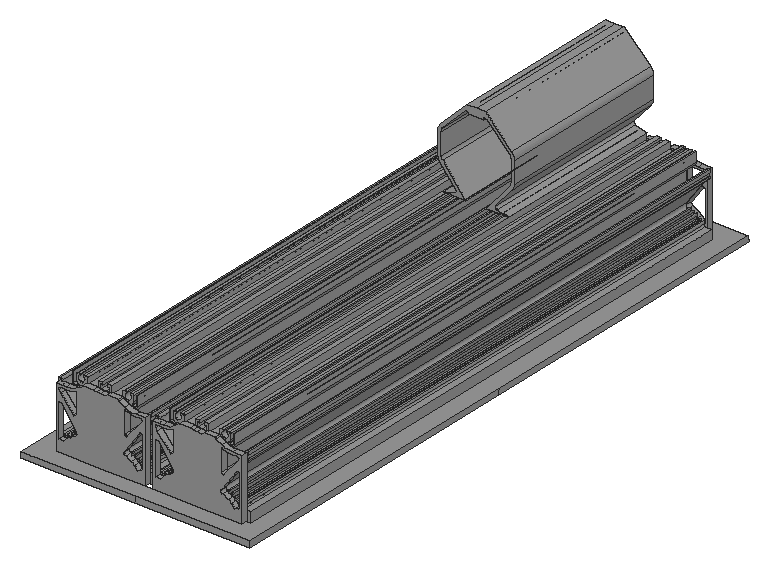
Revit family "L-street 48 Standart", category Осветительные приборы, Revit 2017 (continued)
Types (5, lengths in mm): name | built-in parameter 1150134 | Файл фотометрической сетки | built-in parameter 1150105 | Lumens | built-in parameter 1150106 | built-in parameter 1150142 | Wattage | built-in parameter 1150107 | Артикул
    178 3303.737 3215.41 3021.206 2615.813 1845.79 1026.508 618.849 508.442 454.087 364.063 \r\n276.869 201.565 141.548 103.614 79.267 64.546 57.186 53.222 0.00 0.00 0.00 0.00 0.00 0.00 0.00 0.00 0.00 0.00 0.00 0.00 0.00 0.00 \r\n0.00 0.00 0.00 0.00 0.00 0.00 0.00 0.00 0.00 0.00 0.00 0.00 0.00 0.00 0.00 0.00 0.00 0.00 0.00 0.00 0.00 0.00\r\n2431.019 2474.263 2547.868 2619.209 2691.681 2759.625 2826.435 2893.246 2955.527 3014.411 3075.56 3148.033 3219.373 3285.052 \r\n3338.274 3359.789 3346.201 3314.494 3297.508 3246.551 3099.341 2823.039 2280.627 1417.75 755.303 514.104 459.749 412.188 327.26 \r\n251.39 197.035 147.21 108.709 81.532 63.414 55.487 53.222 0.00 0.00 0.00 0.00 0.00 0.00 0.00 0.00 0.00 0.00 0.00 0.00 0.00 0.00 \r\n0.00 0.00 0.00 0.00 0.00 0.00 0.00 0.00 0.00 0.00 0.00 0.00 0.00 0.00 0.00 0.00 0.00 0.00 0.00 0.00 0.00 0.00\r\n2431.019 2474.83 2551.266 2626.003 2697.91 2766.419 2833.23 2898.342 2960.057 3019.507 3082.355 3154.261 3222.771 3282.787 3325.252\r\n 3339.406 3316.193 3282.787 3249.382 3154.828 2948.167 2590.90 1964.125 1161.829 644.894 473.337 426.344 375.386 296.686 232.14 \r\n186.844 148.343 112.106 82.665 62.282 53.222 50.958 0.00 0.00 0.00 0.00 0.00 0.00 0.00 0.00 0.00 0.00 0.00 0.00 0.00 0.00 0.00 0.00\r\n 0.00 0.00 0.00 0.00 0.00 0.00 0.00 0.00 0.00 0.00 0.00 0.00 0.00 0.00 0.00 0.00 0.00 0.00 0.00 0.00\r\n2431.019 2475.396 2554.663 2632.797 2704.138 2773.213 2840.024 2903.438 2964.586 3024.603 3089.149 3160.489 3226.168 3280.522 \r\n3312.229 3319.023 3286.184 3251.08 3201.255 3063.105 2796.994 2358.761 1647.624 905.911 534.487 432.571 392.938 338.583 266.111 \r\n212.889 176.652 149.475 115.503 83.797 61.149 50.957 48.693 0.00 0.00 0.00 0.00 0.00 0.00 0.00 0.00 0.00 0.00 0.00 0.00 0.00 0.00 \r\n0.00 0.00 0.00 0.00 0.00 0.00 0.00 0.00 0.00 0.00 0.00 0.00 0.00 0.00 0.00 0.00 0.00 0.00 0.00 0.00 0.00 0.00\r\n2431.019 2479.926 2560.891 2640.158 2712.631 2781.14 2846.819 2908.534 2969.116 3030.831 3097.076 3167.284 3230.131 3278.258 \r\n3302.604 3301.471 3268.066 3226.734 3141.239 2957.226 2642.423 2143.042 1420.58 772.854 493.154 417.284 374.82 315.37 250.258 \r\n204.396 172.689 147.777 115.503 84.363 61.715 50.391 48.693 0.00 0.00 0.00 0.00 0.00 0.00 0.00 0.00 0.00 0.00 0.00 0.00 0.00 0.00 \r\n0.00 0.00 0.00 0.00 0.00 0.00 0.00 0.00 0.00 0.00 0.00 0.00 0.00 0.00 0.00 0.00 0.00 0.00 0.00 0.00 0.00 0.00\r\n2431.019 2484.455 2567.119 2647.518 2721.123 2789.067 2853.613 2913.629 2973.646 3037.059 3105.002 3174.078 3234.094 3275.993 \r\n3292.978 3283.919 3249.948 3202.388 3081.222 2851.349 2487.853 1927.322 1193.536 639.799 451.822 401.997 356.702 292.156 234.404 \r\n195.903 168.726 146.078 115.503 84.929 62.281 49.825 48.693 0.00 0.00 0.00 0.00 0.00 0.00 0.00 0.00 0.00 0.00 0.00 0.00 0.00 0.00 \r\n0.00 0.00 0.00 0.00 0.00 0.00 0.00 0.00 0.00 0.00 0.00 0.00 0.00 0.00 0.00 0.00 0.00 0.00 0.00 0.00 0.00 0.00\r\n2431.019 2473.131 2557.494 2641.29 2718.859 2789.067 2854.745 2915.894 2975.345 3038.758 3108.966 3177.475 3235.227 3274.294 \r\n3288.449 3277.125 3245.419 3193.895 3056.31 2807.185 2421.041 1848.054 1144.843 630.739 445.028 391.806 349.908 291.59 239.50 \r\n201.565 174.388 151.174 121.732 93.422 71.34 56.62 54.355 0.00 0.00 0.00 0.00 0.00 0.00 0.00 0.00 0.00 0.00 0.00 0.00 0.00 0.00 \r\n0.00 0.00 0.00 0.00 0.00 0.00 0.00 0.00 0.00 0.00 0.00 0.00 0.00 0.00 0.00 0.00 0.00 0.00 0.00 0.00 0.00 0.00\r\n2431.019 2461.807 2547.868 2635.062 2716.594 2789.067 2855.877 2918.159 2977.043 3040.456 3112.929 3180.872 3236.359 3272.595 \r\n3283.919 3270.331 3240.889 3185.402 3031.397 2763.022 2354.23 1768.787 1096.15 621.68 438.233 381.614 343.113 291.023 244.595 \r\n207.227 180.049 156.269 127.96 101.915 80.399 63.414 60.016 0.00 0.00 0.00 0.00 0.00 0.00 0.00 0.00 0.00 0.00 0.00 0.00 0.00 0.00 \r\n0.00 0.00 0.00 0.00 0.00 0.00 0.00 0.00 0.00 0.00 0.00 0.00 0.00 0.00 0.00 0.00 0.00 0.00 0.00 0.00 0.00 0.00\r\n2431.019 2464.638 2551.832 2640.158 2721.69 2794.163 2861.539 2923.821 2983.837 3051.214 3124.253 3192.196 3240.889 3266.934 \r\n3272.596 3258.441 3219.374 3098.775 2868.901 2525.222 2039.994 1442.095 858.916 544.112 431.439 375.952 328.392 276.302 234.404 \r\n202.131 176.652 151.174 123.997 100.217 80.966 66.245 61.149 0.00 0.00 0.00 0.00 0.00 0.00 0.00 0.00 0.00 0.00 0.00 0.00 0.00 0.00 \r\n0.00 0.00 0.00 0.00 0.00 0.00 0.00 0.00 0.00 0.00 0.00 0.00 0.00 0.00 0.00 0.00 0.00 0.00 0.00 0.00 0.00 0.00\r\n2431.019 2467.469 2555.795 2645.254 2726.785 2799.258 2867.201 2929.483 2990.631 3061.972 3135.577 3203.52 3245.418 3261.272 \r\n3261.272 3246.551 3197.858 3012.147 2706.402 2287.42 1725.756 1115.40 621.68 466.543 424.645 370.29 313.671 261.581 224.212 197.035\r\n 173.255 146.078 120.033 98.518 81.532 69.076 62.281 0.00 0.00 0.00 0.00 0.00 0.00 0.00 0.00 0.00 0.00 0.00 0.00 0.00 0.00 0.00 \r\n0.00 0.00 0.00 0.00 0.00 0.00 0.00 0.00 0.00 0.00 0.00 0.00 0.00 0.00 0.00 0.00 0.00 0.00 0.00 0.00 0.00\r\n2431.019 2464.638 2555.229 2645.254 2728.484 2801.523 2869.466 2930.615 2992.33 3060.84 3131.614 3195.027 3234.661 3249.382 \r\n3252.213 3243.154 3205.219 3055.178 2784.537 2385.938 1830.502 1208.256 684.528 476.735 418.983 369.158 314.804 262.148 223.08 \r\n194.771 167.593 139.85 112.673 90.591 74.172 61.149 56.053 0.00 0.00 0.00 0.00 0.00 0.00 0.00 0.00 0.00 0.00 0.00 0.00 0.00 0.00 \r\n0.00 0.00 0.00 0.00 0.00 0.00 0.00 0.00 0.00 0.00 0.00 0.00 0.00 0.00 0.00 0.00 0.00 0.00 0.00 0.00 0.00 0.00\r\n2431.019 2461.807 2554.663 2645.254 2730.183 2803.788 2871.731 2931.747 2994.029 3059.707 3127.65 3186.534 3223.903 3237.491 \r\n3243.153 3239.756 3212.579 3098.208 2862.672 2484.455 1935.248 1301.111 747.375 486.926 413.321 368.025 315.936 262.714 221.948 \r\n192.506 161.931 133.622 105.312 82.664 66.811 53.222 49.825 0.00 0.00 0.00 0.00 0.00 0.00 0.00 0.00 0.00 0.00 0.00 0.00 0.00 0.00 \r\n0.00 0.00 0.00 0.00 0.00 0.00 0.00 0.00 0.00 0.00 0.00 0.00 0.00 0.00 0.00 0.00 0.00 0.00 0.00 0.00 0.00 0.00\r\n2431.019 2464.638 2558.626 2650.35 2735.845 2810.016 2877.959 2939.674 3001.956 3068.20 3135.011 3188.233 3219.94 3231.263 3238.624\r\n 3243.154 3217.675 3098.208 2855.312 2465.205 1902.975 1274.50 736.617 489.757 418.983 374.82 322.164 270.075 230.441 199.30 \r\n168.726 139.85 111.54 87.76 71.341 58.318 54.355 0.00 0.00 0.00 0.00 0.00 0.00 0.00 0.00 0.00 0.00 0.00 0.00 0.00 0.00 0.00 0.00 \r\n0.00 0.00 0.00 0.00 0.00 0.00 0.00 0.00 0.00 0.00 0.00 0.00 0.00 0.00 0.00 0.00 0.00 0.00 0.00 0.00\r\n2431.019 2467.469 2562.589 2655.445 2741.506 2816.244 2884.187 2947.601 3009.882 3076.693 3142.371 3189.931 3215.976 3225.035 \r\n3234.094 3246.551 3222.77 3098.208 2847.951 2445.954 1870.702 1247.889 725.859 492.588 424.645 381.614 328.392 277.435 238.933 \r\n206.094 175.52 146.078 117.768 92.856 75.87 63.414 58.884 0.00 0.00 0.00 0.00 0.00 0.00 0.00 0.00 0.00 0.00 0.00 0.00 0.00 0.00 \r\n0.00 0.00 0.00 0.00 0.00 0.00 0.00 0.00 0.00 0.00 0.00 0.00 0.00 0.00 0.00 0.00 0.00 0.00 0.00 0.00 0.00 0.00\r\n2431.019 2481.058 2577.877 2670.166 2755.095 2827.568 2893.813 2956.66 3017.809 3084.054 3149.166 3195.593 3219.94 3228.999 3239.19\r\n 3253.912 3225.035 3090.848 2823.605 2400.092 1805.59 1181.079 683.961 482.963 425.211 377.651 320.466 269.508 233.272 203.263 \r\n171.557 141.549 112.673 87.76 70.774 60.583 56.053 0.00 0.00 0.00 0.00 0.00 0.00 0.00 0.00 0.00 0.00 0.00 0.00 0.00 0.00 0.00 0.00 \r\n0.00 0.00 0.00 0.00 0.00 0.00 0.00 0.00 0.00 0.00 0.00 0.00 0.00 0.00 0.00 0.00 0.00 0.00 0.00 0.00\r\n2431.019 2494.646 2593.164 2684.887 2768.684 2838.892 2903.438 2965.719 3025.735 3091.414 3155.96 3201.255 3223.903 3232.962 \r\n3244.286 3261.272 3227.30 3083.487 2799.258 2354.23 1740.477 1114.268 642.063 473.337 425.777 373.687 312.539 261.581 227.61 \r\n200.432 167.593 137.019 107.577 82.664 65.678 57.752 53.222 0.00 0.00 0.00 0.00 0.00 0.00 0.00 0.00 0.00 0.00 0.00 0.00 0.00 0.00 \r\n0.00 0.00 0.00 0.00 0.00 0.00 0.00 0.00 0.00 0.00 0.00 0.00 0.00 0.00 0.00 0.00 0.00 0.00 0.00 0.00 0.00 0.00\r\n2431.019 2481.058 2577.877 2670.166 2755.095 2827.568 2893.813 2956.66 3017.809 3084.054 3149.166 3195.593 3219.94 3228.999 3239.19\r\n 3253.912 3225.035 3090.848 2823.605 2400.092 1805.59 1181.079 683.961 482.963 425.211 377.651 320.466 269.508 233.272 203.263 \r\n171.557 141.549 112.673 87.76 70.774 60.583 56.053 0.00 0.00 0.00 0.00 0.00 0.00 0.00 0.00 0.00 0.00 0.00 0.00 0.00 0.00 0.00 0.00 \r\n0.00 0.00 0.00 0.00 0.00 0.00 0.00 0.00 0.00 0.00 0.00 0.00 0.00 0.00 0.00 0.00 0.00 0.00 0.00 0.00\r\n2431.019 2467.469 2562.589 2655.445 2741.506 2816.244 2884.187 2947.601 3009.882 3076.693 3142.371 3189.931 3215.976 3225.035 \r\n3234.094 3246.551 3222.77 3098.208 2847.951 2445.954 1870.702 1247.889 725.859 492.588 424.645 381.614 328.392 277.435 238.933 \r\n206.094 175.52 146.078 117.768 92.856 75.87 63.414 58.884 0.00 0.00 0.00 0.00 0.00 0.00 0.00 0.00 0.00 0.00 0.00 0.00 0.00 0.00 \r\n0.00 0.00 0.00 0.00 0.00 0.00 0.00 0.00 0.00 0.00 0.00 0.00 0.00 0.00 0.00 0.00 0.00 0.00 0.00 0.00 0.00 0.00\r\n2431.019 2464.638 2558.626 2650.35 2735.845 2810.016 2877.959 2939.674 3001.956 3068.20 3135.011 3188.233 3219.94 3231.263 3238.624\r\n 3243.154 3217.675 3098.208 2855.312 2465.205 1902.975 1274.50 736.617 489.757 418.983 374.82 322.164 270.075 230.441 199.30 \r\n168.726 139.85 111.54 87.76 71.341 58.318 54.355 0.00 0.00 0.00 0.00 0.00 0.00 0.00 0.00 0.00 0.00 0.00 0.00 0.00 0.00 0.00 0.00 \r\n0.00 0.00 0.00 0.00 0.00 0.00 0.00 0.00 0.00 0.00 0.00 0.00 0.00 0.00 0.00 0.00 0.00 0.00 0.00 0.00\r\n2431.019 2461.807 2554.663 2645.254 2730.183 2803.788 2871.731 2931.747 2994.029 3059.707 3127.65 3186.534 3223.903 3237.491 \r\n3243.153 3239.756 3212.579 3098.208 2862.672 2484.455 1935.248 1301.111 747.375 486.926 413.321 368.025 315.936 262.714 221.948 \r\n192.506 161.931 133.622 105.312 82.664 66.811 53.222 49.825 0.00 0.00 0.00 0.00 0.00 0.00 0.00 0.00 0.00 0.00 0.00 0.00 0.00 0.00 \r\n0.00 0.00 0.00 0.00 0.00 0.00 0.00 0.00 0.00 0.00 0.00 0.00 0.00 0.00 0.00 0.00 0.00 0.00 0.00 0.00 0.00 0.00\r\n2431.019 2464.638 2555.229 2645.254 2728.484 2801.523 2869.466 2930.615 2992.33 3060.84 3131.614 3195.027 3234.661 3249.382 \r\n3252.213 3243.154 3205.219 3055.178 2784.537 2385.938 1830.502 1208.256 684.528 476.735 418.983 369.158 314.804 262.148 223.08 \r\n194.771 167.593 139.85 112.673 90.591 74.172 61.149 56.053 0.00 0.00 0.00 0.00 0.00 0.00 0.00 0.00 0.00 0.00 0.00 0.00 0.00 0.00 \r\n0.00 0.00 0.00 0.00 0.00 0.00 0.00 0.00 0.00 0.00 0.00 0.00 0.00 0.00 0.00 0.00 0.00 0.00 0.00 0.00 0.00 0.00\r\n2431.019 2467.469 2555.795 2645.254 2726.785 2799.258 2867.201 2929.483 2990.631 3061.972 3135.577 3203.52 3245.418 3261.272 \r\n3261.272 3246.551 3197.858 3012.147 2706.402 2287.42 1725.756 1115.40 621.68 466.543 424.645 370.29 313.671 261.581 224.212 197.035\r\n 173.255 146.078 120.033 98.518 81.532 69.076 62.281 0.00 0.00 0.00 0.00 0.00 0.00 0.00 0.00 0.00 0.00 0.00 0.00 0.00 0.00 0.00 \r\n0.00 0.00 0.00 0.00 0.00 0.00 0.00 0.00 0.00 0.00 0.00 0.00 0.00 0.00 0.00 0.00 0.00 0.00 0.00 0.00 0.00\r\n2431.019 2464.638 2551.832 2640.158 2721.69 2794.163 2861.539 2923.821 2983.837 3051.214 3124.253 3192.196 3240.889 3266.934 \r\n3272.596 3258.441 3219.374 3098.775 2868.90 2525.221 2039.993 1442.094 858.915 544.112 431.439 375.952 328.392 276.302 234.404 \r\n202.131 176.652 151.174 123.997 100.217 80.966 66.245 61.149 0.00 0.00 0.00 0.00 0.00 0.00 0.00 0.00 0.00 0.00 0.00 0.00 0.00 0.00 \r\n0.00 0.00 0.00 0.00 0.00 0.00 0.00 0.00 0.00 0.00 0.00 0.00 0.00 0.00 0.00 0.00 0.00 0.00 0.00 0.00 0.00 0.00\r\n2431.019 2461.807 2547.868 2635.062 2716.594 2789.067 2855.877 2918.159 2977.043 3040.456 3112.929 3180.872 3236.359 3272.595 \r\n3283.919 3270.331 3240.889 3185.402 3031.397 2763.022 2354.23 1768.787 1096.15 621.68 438.233 381.614 343.113 291.023 244.595 \r\n207.227 180.049 156.269 127.96 101.915 80.399 63.414 60.016 0.00 0.00 0.00 0.00 0.00 0.00 0.00 0.00 0.00 0.00 0.00 0.00 0.00 0.00 \r\n0.00 0.00 0.00 0.00 0.00 0.00 0.00 0.00 0.00 0.00 0.00 0.00 0.00 0.00 0.00 0.00 0.00 0.00 0.00 0.00 0.00 0.00\r\n2431.019 2473.131 2557.494 2641.29 2718.859 2789.067 2854.745 2915.894 2975.345 3038.758 3108.966 3177.475 3235.227 3274.294 \r\n3288.449 3277.125 3245.419 3193.895 3056.31 2807.185 2421.041 1848.054 1144.843 630.739 445.028 391.806 349.908 291.59 239.50 \r\n201.565 174.388 151.174 121.732 93.422 71.34 56.62 54.355 0.00 0.00 0.00 0.00 0.00 0.00 0.00 0.00 0.00 0.00 0.00 0.00 0.00 0.00 \r\n0.00 0.00 0.00 0.00 0.00 0.00 0.00 0.00 0.00 0.00 0.00 0.00 0.00 0.00 0.00 0.00 0.00 0.00 0.00 0.00 0.00 0.00\r\n2431.019 2484.455 2567.119 2647.518 2721.123 2789.067 2853.613 2913.629 2973.646 3037.059 3105.002 3174.078 3234.094 3275.993 \r\n3292.978 3283.919 3249.948 3202.388 3081.222 2851.348 2487.852 1927.321 1193.535 639.798 451.822 401.997 356.702 292.156 234.404 \r\n195.903 168.726 146.078 115.503 84.929 62.281 49.825 48.693 0.00 0.00 0.00 0.00 0.00 0.00 0.00 0.00 0.00 0.00 0.00 0.00 0.00 0.00 \r\n0.00 0.00 0.00 0.00 0.00 0.00 0.00 0.00 0.00 0.00 0.00 0.00 0.00 0.00 0.00 0.00 0.00 0.00 0.00 0.00 0.00 0.00\r\n2431.019 2479.926 2560.891 2640.158 2712.631 2781.14 2846.819 2908.534 2969.116 3030.831 3097.076 3167.284 3230.131 3278.258 \r\n3302.604 3301.471 3268.066 3226.734 3141.239 2957.226 2642.423 2143.041 1420.579 772.854 493.154 417.284 374.82 315.37 250.258 \r\n204.396 172.689 147.777 115.503 84.363 61.715 50.391 48.693 0.00 0.00 0.00 0.00 0.00 0.00 0.00 0.00 0.00 0.00 0.00 0.00 0.00 0.00 \r\n0.00 0.00 0.00 0.00 0.00 0.00 0.00 0.00 0.00 0.00 0.00 0.00 0.00 0.00 0.00 0.00 0.00 0.00 0.00 0.00 0.00 0.00\r\n2431.019 2475.396 2554.663 2632.797 2704.138 2773.213 2840.024 2903.438 2964.586 3024.603 3089.149 3160.489 3226.168 3280.522 \r\n3312.229 3319.023 3286.184 3251.08 3201.255 3063.104 2796.993 2358.76 1647.622 905.909 534.486 432.571 392.938 338.583 266.111 \r\n212.889 176.652 149.475 115.503 83.797 61.149 50.957 48.693 0.00 0.00 0.00 0.00 0.00 0.00 0.00 0.00 0.00 0.00 0.00 0.00 0.00 0.00 \r\n0.00 0.00 0.00 0.00 0.00 0.00 0.00 0.00 0.00 0.00 0.00 0.00 0.00 0.00 0.00 0.00 0.00 0.00 0.00 0.00 0.00 0.00\r\n2431.019 2474.83 2551.266 2626.003 2697.91 2766.419 2833.23 2898.342 2960.057 3019.507 3082.355 3154.261 3222.771 3282.787 3325.252\r\n 3339.406 3316.193 3282.787 3249.382 3154.828 2948.167 2590.899 1964.124 1161.828 644.894 473.337 426.344 375.386 296.686 232.14 \r\n186.844 148.343 112.106 82.665 62.282 53.222 50.958 0.00 0.00 0.00 0.00 0.00 0.00 0.00 0.00 0.00 0.00 0.00 0.00 0.00 0.00 0.00 0.00\r\n 0.00 0.00 0.00 0.00 0.00 0.00 0.00 0.00 0.00 0.00 0.00 0.00 0.00 0.00 0.00 0.00 0.00 0.00 0.00 0.00\r\n2431.019 2474.263 2547.868 2619.209 2691.681 2759.625 2826.435 2893.246 2955.527 3014.411 3075.56 3148.033 3219.373 3285.052 \r\n3338.274 3359.789 3346.201 3314.494 3297.508 3246.551 3099.34 2823.037 2280.624 1417.746 755.301 514.103 459.749 412.188 327.26 \r\n251.39 197.035 147.21 108.709 81.532 63.414 55.487 53.222 0.00 0.00 0.00 0.00 0.00 0.00 0.00 0.00 0.00 0.00 0.00 0.00 0.00 0.00 \r\n0.00 0.00 0.00 0.00 0.00 0.00 0.00 0.00 0.00 0.00 0.00 0.00 0.00 0.00 0.00 0.00 0.00 0.00 0.00 0.00 0.00 0.00\r\n2431.019 2478.227 2549.001 2618.643 2689.983 2757.36 2825.869 2893.246 2954.395 3011.581 3071.597 3140.673 3212.579 3280.523 \r\n3339.973 3376.209 3380.739 3354.694 3333.178 3303.737 3215.41 3021.206 2615.812 1845.789 1026.508 618.849 508.442 454.087 364.063 \r\n276.869 201.565 141.548 103.614 79.267 64.546 57.186 53.222 0.00 0.00 0.00 0.00 0.00 0.00 0.00 0.00 0.00 0.00 0.00 0.00 0.00 0.00 \r\n0.00 0.00 0.00 0.00 0.00 0.00 0.00 0.00 0.00 0.00 0.00 0.00 0.00 0.00 0.00 0.00 0.00 0.00 0.00 0.00 0.00 0.00\r\n2431.019 2482.19 2550.133 2618.076 2688.284 2755.095 2825.303 2893.246 2953.263 3008.75 3067.634 3133.312 3205.785 3275.993 \r\n3341.671 3392.628 3415.276 3394.893 3368.848 3360.922 3331.48 3219.373 2950.998 2273.831 1297.714 723.595 557.134 495.985 400.865 \r\n302.347 206.094 135.886 98.518 77.002 65.678 58.884 53.222 0.00 0.00 0.00 0.00 0.00 0.00 0.00 0.00 0.00 0.00 0.00 0.00 0.00 0.00 \r\n0.00 0.00 0.00 0.00 0.00 0.00 0.00 0.00 0.00 0.00 0.00 0.00 0.00 0.00 0.00 0.00 0.00 0.00 0.00 0.00 0.00 0.00\r\n2431.019 2484.455 2549.001 2614.113 2682.056 2748.301 2817.943 2884.753 2946.469 3001.956 3059.141 3122.555 3192.196 3264.103 \r\n3332.046 3397.158 3440.189 3437.924 3409.614 3399.423 3396.026 3347.333 3190.498 2731.315 1821.4
